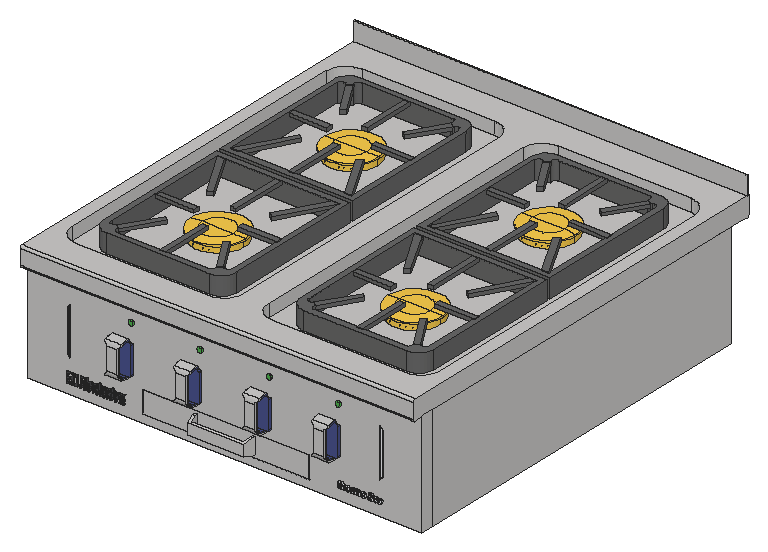
Revit family "QF_ELECTROLUXPROFESSIONAL_588528_MBGGBBHOPI", category Attrezzature speciali, Revit 2020
Family settings
  Quota connettore circolare = Usa diametro
  Tipo di parte = Normale
  Basato su piano di lavoro = No
  Sempre verticale = Sì
  Taglio con vuoti quando caricato = No
  Condiviso = No
  Punto di calcolo locali = No
Parameters (values of type "Standard")
  Weight = 65.00 kg
  Watts = 0 W
  Volts = 0 V
  URL Manufacturer = "https://www.electroluxprofessional.com/"
  URL = "https://www.electroluxprofessional.com/"
  Steam Supply Size = 0"
  Steam Supply Minimum Pressure = 0.00 psi
  Steam Supply Maximum Pressure = 0.00 psi
  Steam Consumption per Hour = 0
  Refrigeration Suction Line Size = 0 mm
  Refrigeration Liquid Line Size = 0 mm
  Refrigerant Compressor Remote = yes
  Prospetto di default = 0 mm
  Phase = 0
  Modello = "MBGGBBHOPI"
  Produttore = "Electrolux Professional"
  Length Actual = 800 mm  # constant formula
  Item Number = "588528"
  Hot Water Size = 0"
  Height Actual = 250 mm  # constant formula
  HP = "0 HP"
  Gas Size = 1/2"
  Gas KW = 28
  Gas Input Pressure = 0.938315 Btu/h
  Direct Waste Size = 0"
  Descrizione = "GAS TOP,4 BURN,ECO,1-S,BSPL,800X850X250H"
  Depth Actual = 850 mm  # constant formula
  Cycle = 0 Hz
  Condensate Return Size = 0"
  Compressed Air Volume = 0 GPM
  Compressed Air Size = 0"
  Compressed Air Pressure = 0.00 psi
  Cold Water Size = 0"
  Accessory = yes
Reference planes
  plane 1 "BACK": y = 0
  plane 2: z = 0
  plane 3 "LEFT": x = 0
  plane 4 "RIGHT": x = 800
  plane 5 "FRONT": y = -850
  plane 6 "TOP": z = 900
  plane 7 "Center (Left/Right)": x = 400
  plane 8: y = -425
  plane 9: y = -150
  plane 10: x = 75
  plane 11: x = 725
  plane 12: y = -65
  plane 13: y = -790
  plane 14 "GasY": y = -540
  plane 15: z = 938
  plane 16 "BaseTop": z = 650
  plane 17: y = -805
  plane 18 "Camino": y = -50
  plane 19: x = 764
  plane 20: z = 1131
Forms (mm)
  Extrusion 1, solid, material "QF_Finishes_Stainless Steel"
    sketch origin (-178.969, -4572, 100) x (-1, 0, 0) y (0, -1, 0)
      loop
        line (-178.969, -4527) -> (-178.969, -3767) -> (-978.969, -3767) -> (-978.969, -4527) -> (-178.969, -4527)
    from 550 to 762.969
  Extrusion 2, solid, material "QF_Finishes_Stainless Steel"
    sketch origin (400, 296.4, 1219.2) x (0, 1, 0) y (0, 0, 1)
      loop
        line (-296.4, -319.2) -> (-1141.4, -319.2)
        arc (-1141.4, -319.2) -> (-1144.935, -320.664) -> (-1146.4, -324.2) r 5
        line (-1146.4, -324.2) -> (-1146.4, -355.2)
        arc (-1146.4, -355.2) -> (-1144.971, -358.264) -> (-1141.705, -359.139) r 4
        line (-1141.705, -359.139) -> (-1126.4, -356.231) -> (-316.4, -356.231) -> (-301.094, -359.139)
        arc (-301.094, -359.139) -> (-297.829, -358.264) -> (-296.4, -355.2) r 4
        line (-296.4, -355.2) -> (-296.4, -319.2)
    from -400 to 400
  Extrusion 3, void
    sketch origin (0, 0, 900) x (-1, 0, 0) y (0, -1, 0)
      loop
        arc (-65.29, 65) -> (-37.006, 76.716) -> (-25.29, 105) r 40
        line (-25.29, 105) -> (-25.29, 750)
        arc (-25.29, 750) -> (-37.006, 778.284) -> (-65.29, 790) r 40
        line (-65.29, 790) -> (-335.29, 790)
        arc (-335.29, 790) -> (-363.574, 778.284) -> (-375.29, 750) r 40
        line (-375.29, 750) -> (-375.29, 105)
        arc (-375.29, 105) -> (-363.574, 76.716) -> (-335.29, 65) r 40
        line (-335.29, 65) -> (-65.29, 65)
    from 0 to -25
  Extrusion 4, solid, material "QF_Finishes_Stainless Steel"
    sketch origin (400, 296.4, 1219.2) x (0, 1, 0) y (0, 0, 1)
      loop
        line (-296.4, -319.2) -> (-296.4, -281.2) -> (-298.4, -281.2) -> (-298.4, -319.2) -> (-296.4, -319.2)
    from 400 to -400
  Extrusion 5, solid, material "QF_Finishes_Stainless Steel"
    sketch origin (0, 0, 650) x (-1, 0, 0) y (0, -1, 0)
      loop
        circle (-764, 540) r 10.1
    from 0 to -10
  Extrusion 6, void
    sketch origin (800, 0, 900) x (1, 0, 0) y (0, 1, 0)
      loop
        line (-65.29, -65) -> (-335.29, -65)
        arc (-335.29, -65) -> (-363.574, -76.716) -> (-375.29, -105) r 40
        line (-375.29, -105) -> (-375.29, -750)
        arc (-375.29, -750) -> (-363.574, -778.284) -> (-335.29, -790) r 40
        line (-335.29, -790) -> (-65.29, -790)
        arc (-65.29, -790) -> (-37.006, -778.284) -> (-25.29, -750) r 40
        line (-25.29, -750) -> (-25.29, -105)
        arc (-25.29, -105) -> (-37.006, -76.716) -> (-65.29, -65) r 40
    from 0 to -25
Cuts and joins
  Extrusion 3, Extrusion 6 cuts Extrusion 2
Lines and regions (mm)
  symbolic lines
    curve 1: line (0, 0, 100) -> (800, 0, 100)
    curve 2: line (0, -850, 100) -> (0, 0, 100)
    curve 3: line (800, -850, 100) -> (0, -850, 100)
    curve 4: line (800, 0, 100) -> (800, -850, 100)
    curve 5: line (0, -2, 0) -> (800, -2, 0)
    curve 6: line (335.29, -65, 0) -> (65.29, -65, 0)
    curve 7: line (424.71, -105, 0) -> (424.71, -750, 0)
    curve 8: line (734.71, -65, 0) -> (464.71, -65, 0)
    curve 9: arc (65.29, -65, 0) -> (37.006, -76.716, 0) -> (25.29, -105, 0) r 40
    curve 10: arc (375.29, -105, 0) -> (363.574, -76.716, 0) -> (335.29, -65, 0) r 40
    curve 11: line (375.29, -750, 0) -> (375.29, -105, 0)
    curve 12: arc (335.29, -790, 0) -> (363.574, -778.284, 0) -> (375.29, -750, 0) r 40
    curve 13: line (65.29, -790, 0) -> (335.29, -790, 0)
    curve 14: arc (25.29, -750, 0) -> (37.006, -778.284, 0) -> (65.29, -790, 0) r 40
    curve 15: line (25.29, -105, 0) -> (25.29, -750, 0)
    curve 16: arc (464.71, -65, 0) -> (436.426, -76.716, 0) -> (424.71, -105, 0) r 40
    curve 17: arc (774.71, -105, 0) -> (762.994, -76.716, 0) -> (734.71, -65, 0) r 40
    curve 18: line (774.71, -750, 0) -> (774.71, -105, 0)
    curve 19: arc (734.71, -790, 0) -> (762.994, -778.284, 0) -> (774.71, -750, 0) r 40
    curve 20: line (464.71, -790, 0) -> (734.71, -790, 0)
    curve 21: arc (424.71, -750, 0) -> (436.426, -778.284, 0) -> (464.71, -790, 0) r 40
Dimensions and locks
  plane 3 "LEFT" to plane 4 "RIGHT" = 800 mm
  locked: plane 5 "FRONT" to plane 1 "BACK" at 850
  plane 3 "LEFT" to plane 7 "Center (Left/Right)" to plane 4 "RIGHT" = 400 mm, 400 mm
  equal spacing: plane 5 "FRONT", plane 8, plane 1 "BACK"
  plane 6 "TOP" to level = 900 mm  (x2)
  plane 1 "BACK" to plane 9 = 150 mm
  plane 14 "GasY" to plane 1 "BACK" = 540 mm
  plane 15 to plane 6 "TOP" = 38 mm
  plane 12 to plane 1 "BACK" = 65 mm
  plane 5 "FRONT" to plane 13 = 60 mm
  plane 3 "LEFT" to plane 10 = 75 mm
  plane 11 to plane 4 "RIGHT" = 75 mm
  locked: plane 6 "TOP" to plane 16 "BaseTop" at 250
  locked: plane 17 to plane 5 "FRONT" at 45
  plane 18 "Camino" to plane 1 "BACK" = 50 mm
  plane 19 to plane 4 "RIGHT" = 36 mm
  plane 20 to plane 6 "TOP" = 231 mm
  aligned and locked: level to plane 2
  aligned and locked: cut or joined group of Extrusion 2, Extrusion 3, Extrusion 6 to plane 3 "LEFT"
  aligned and locked: cut or joined group of Extrusion 2, Extrusion 3, Extrusion 6 to plane 4 "RIGHT"
  aligned and locked: nested 1 to plane 17
  aligned and locked: Extrusion 1 to plane 17
  aligned and locked: Extrusion 4 to plane 3 "LEFT"
  aligned and locked: Extrusion 4 to plane 4 "RIGHT"
  aligned and locked: plane 3 "LEFT" to nested 1
Automatic sketch dimensions
  curve 5 to plane 3 "LEFT" = 0 mm
  curve 5 to plane 4 "RIGHT" = 0 mm
  plane 1 "BACK" to curve 5 = 2 mm
  Extrusion 1 sketch curve to plane 4 "RIGHT" = 0 mm
  Extrusion 1 sketch curve to plane 3 "LEFT" = 0 mm
  Extrusion 1 sketch curve to plane 17 = 0 mm
  Extrusion 1 sketch curve to plane 18 "Camino" = 5 mm
  plane 1 "BACK" to curve 1 = 0 mm
  curve 1 to plane 4 "RIGHT" = 0 mm
  curve 3 to plane 3 "LEFT" = 0 mm
  plane 5 "FRONT" to curve 3 = 0 mm
  Extrusion 2 sketch curve to plane 5 "FRONT" = 0 mm
  Extrusion 2 sketch curve to plane 6 "TOP" = 0 mm
  Extrusion 2 sketch curve to plane 1 "BACK" = 0 mm
  Extrusion 2 sketch curve to Extrusion 2 sketch curve = 4 mm
  Extrusion 2 sketch curve to Extrusion 2 sketch curve = 0.695 mm
  Extrusion 2 sketch curve to plane 5 "FRONT" = 5 mm
  Extrusion 2 sketch curve to Extrusion 2 sketch curve = 15.305 mm
  plane 1 "BACK" to Extrusion 2 sketch curve = 20 mm
  plane 1 "BACK" to Extrusion 2 sketch curve = 4.695 mm
  plane 1 "BACK" to Extrusion 2 sketch curve = 4 mm
  Extrusion 2 sketch curve to Extrusion 2 sketch curve = 31 mm
  Extrusion 2 sketch curve to Extrusion 2 sketch curve = 36 mm
  Extrusion 2 sketch curve to Extrusion 2 sketch curve = 2.909 mm
  plane 12 to Extrusion 3 sketch curve = 0 mm
  Extrusion 3 sketch curve to plane 7 "Center (Left/Right)" = 24.71 mm
  Extrusion 3 sketch curve to Extrusion 3 sketch curve = 40 mm  (x2)
  Extrusion 3 sketch curve to plane 13 = 40 mm
  plane 10 to Extrusion 3 sketch curve = 9.71 mm  (x2)
  plane 3 "LEFT" to Extrusion 3 sketch curve = 25.29 mm
  Extrusion 4 sketch curve to plane 6 "TOP" = 0 mm
  Extrusion 4 sketch curve to plane 15 = 0 mm
  Extrusion 4 sketch curve to plane 1 "BACK" = 0 mm
  Extrusion 4 sketch curve to Extrusion 4 sketch curve = 2 mm
  Extrusion 5 sketch curve to plane 14 "GasY" = 0 mm
  Extrusion 5 sketch curve to plane 19 = 0 mm
  plane 12 to Extrusion 6 sketch curve = 0 mm
  Extrusion 6 sketch curve to plane 7 "Center (Left/Right)" = 24.71 mm
  Extrusion 6 sketch curve to Extrusion 6 sketch curve = 40 mm  (x2)
  plane 13 to Extrusion 6 sketch curve = 40 mm
  plane 11 to Extrusion 6 sketch curve = 9.71 mm  (x2)
  Extrusion 6 sketch curve to plane 19 = 10.71 mm
  plane 7 "Center (Left/Right)" to curve 7 = 24.71 mm
  curve 8 to plane 11 = 9.71 mm
  plane 12 to curve 6 = 0 mm
  plane 10 to curve 6 = 9.71 mm
  curve 6 to plane 7 "Center (Left/Right)" = 64.71 mm
  plane 12 to curve 8 = 0 mm
  curve 9 to curve 6 = 40 mm
  curve 10 to curve 6 = 40 mm
  curve 11 to plane 13 = 40 mm
  plane 13 to curve 12 = 0 mm
  plane 10 to curve 13 = 9.71 mm
  plane 12 to curve 16 = 40 mm
  curve 17 to curve 8 = 40 mm
  curve 18 to plane 13 = 40 mm
  plane 13 to curve 19 = 0 mm
  curve 21 to plane 13 = 40 mm
  radius of Extrusion 5 sketch curve = 10.1 mm
Nested families
  nested 1: "Front_Panel_W800_Four Knobs_Spie" at (202.376, -805, 0), type "Front_Panel_W800_Four Knobs_Spie"
  nested 2: "Therma_One_Burner_Long" at (198.607, -260.258, 875), type "Therma_One_Burner_Long"
  nested 3: "Therma_One_Burner_Long" at (198.607, -593.742, 875), type "Therma_One_Burner_Long"
  nested 4: "Therma_One_Burner_Long" at (601.393, -260.258, 875) x (-1, 0, 0) z (0, 0, 1), type "Therma_One_Burner_Long"
  nested 5: "Therma_One_Burner_Long" at (601.393, -593.742, 875) x (-1, 0, 0) z (0, 0, 1), type "Therma_One_Burner_Long"
Connectors
  piping at (764, -540, 650), diameter 12.7, driven by "Gas Size"
    settings: on Extrusion 5, index 1, connector inside diameter 24", connector length 0 mm, flow factor 0, pipe flow 0 GPM, pressure drop 0.00 psi, fitting loss kfactor 0, connector angle 0.00°, fixture units 0, engagement length 0 mm, angle of deflection 0.00°, flow configuration 1, flow direction 1, fitting loss method 0, system type 7, joint type 0, gender type 0, connector reference index -1, connector utility 0, adjustable connector no, is connector primary yes, connector description "Gas Connection"
Definition of nested family "Front_Panel_W800_Four Knobs_Spie"
  Parameters
    Default Elevation = 0 mm
  Reference planes
    plane 1 "Center (Front/Back)": y = 0
    plane 2: z = 0
    plane 3 "Center (Left/Right)": x = 197.624
    plane 4 "Left": x = -202.376
    plane 5 "Right": x = 597.624
    plane 6: y = -45
    plane 7: x = -12.376
    plane 8: x = 127.624
    plane 9: y = -310
    plane 10 "Panel": y = -25
    plane 11: x = 517.624
    plane 12: x = -122.376
  Forms (mm)
    Extrusion 1, solid
      sketch origin (833.217, 829.203, -1.25) x (0, 1, 0) y (0, 0, 1)
        loop
          line (-854.203, 651.25) -> (-829.203, 651.25) -> (-829.203, 864.25) -> (-854.203, 864.25) -> (-854.203, 651.25)
      from -1035.593 to -235.593
    Extrusion 2, void
      sketch origin (0, -25, -10) x (0, 0, 1) y (-1, 0, 0)
        loop
          line (731.866, 122.376) -> (726.866, 117.376) -> (823.866, 117.376) -> (818.866, 122.376) -> (731.866, 122.376)
        loop
          line (731.866, -517.624) -> (818.866, -517.624) -> (823.866, -512.624) -> (726.866, -512.624) -> (731.866, -517.624)
      from 0 to -2
    Extrusion 3, void
      sketch origin (0, 0, 0) x (1, 0, 0) y (0, 0, 1)
        loop
          line (30.124, 711.866) -> (30.124, 666.866) -> (370.124, 666.866) -> (370.124, 711.866) -> (30.124, 711.866)
      from 19.387 to 25
    Extrusion 4, solid
      sketch origin (0, 0, 0) x (1, 0, 0) y (0, 0, 1)
        loop
          line (31.124, 710.866) -> (31.124, 667.866) -> (369.124, 667.866) -> (369.124, 710.866) -> (31.124, 710.866)
      from 19.387 to 25
    Extrusion 5, solid
      sketch origin (0, 0, 0) x (1, 0, 0) y (0, 1, 0)
        loop
          line (141.059, -25) -> (135.966, -25) -> (140.646, -49.075) -> (254.603, -49.075) -> (259.283, -25) -> (254.189, -25) -> (250.481, -44.075) -> (144.767, -44.075) -> (141.059, -25)
      from 672.593 to 705.67
    Extrusion 6, void
      sketch origin (197.624, 0, 0) x (0, 1, 0) y (0, 0, 1)
        loop
          line (-30, 705.67) -> (-30, 710.67) -> (-56.744, 710.67) -> (-56.744, 667.593) -> (-30, 667.593) -> (-30, 672.593) -> (-53.776, 680.318) -> (-53.776, 697.945) -> (-30, 705.67)
      from -70 to 70
    Extrusion 7, solid, detail levels coarse
      sketch origin (0, -265, 0) x (1, 0, 0) y (0, 1, 0)
        loop
          line (140.646, -69.075) -> (254.603, -69.075) -> (259.283, -45) -> (364.124, -45) -> (364.124, 240) -> (31.124, 240) -> (31.124, -45) -> (135.966, -45) -> (140.646, -69.075)
      from 672.593 to 705.67
    Extrusion 8, void
      sketch origin (197.624, -280, 0) x (0, 1, 0) y (0, 0, 1)
        loop
          line (-30, 705.67) -> (-30, 710.67) -> (-56.744, 710.67) -> (-56.744, 667.593) -> (-30, 667.593) -> (-30, 672.593) -> (-53.776, 680.318) -> (-53.776, 697.945) -> (-30, 705.67)
      from -70 to 70
    Extrusion 9, solid
      sketch origin (20, -25, 1.163) x (0, 0, 1) y (-1, 0, 0)
        loop
          circle (824.337, 12.376) r 5
      from 0 to 1.7
    Extrusion 10, solid
      sketch origin (160, -25, 1.163) x (0, 0, 1) y (-1, 0, 0)
        loop
          circle (824.337, 12.376) r 5
      from 0 to 1.7
    Extrusion 11, solid
      sketch origin (300.724, -25, 1.163) x (0, 0, 1) y (-1, 0, 0)
        loop
          circle (824.337, 12.376) r 5
      from 0 to 1.7
    Extrusion 12, solid
      sketch origin (440.724, -25, 1.163) x (0, 0, 1) y (-1, 0, 0)
        loop
          circle (824.337, 12.376) r 5
      from 0 to 1.7
    Extrusion 13, solid
      sketch origin (0, -25, -10) x (0, 0, 1) y (-1, 0, 0)
        loop
          line (731.866, 122.376) -> (726.866, 117.376) -> (823.866, 117.376) -> (818.866, 122.376) -> (731.866, 122.376)
        loop
          line (726.866, -512.624) -> (731.866, -517.624) -> (818.866, -517.624) -> (823.866, -512.624) -> (726.866, -512.624)
      from 0 to -2
  Cuts and joins
    Extrusion 2, Extrusion 3 cuts Extrusion 1
    Extrusion 6, Extrusion 8 cuts Extrusion 5
    Extrusion 8 cuts Extrusion 7
  Lines and regions (mm)
    symbolic lines
      curve 1: line (31.124, -45, 0) -> (31.124, -310, 0)
      curve 2: line (31.124, -310, 0) -> (364.124, -310, 0)
      curve 3: line (135.966, -310, 0) -> (140.646, -334.075, 0)
      curve 4: line (140.646, -334.075, 0) -> (254.603, -334.075, 0)
      curve 5: line (254.603, -334.075, 0) -> (259.283, -310, 0)
      curve 6: line (364.124, -310, 0) -> (364.124, -45, 0)
      curve 7: line (31.124, -300, 0) -> (364.124, -300, 0)
      curve 8: line (140.874, -309.046, 0) -> (144.767, -329.075, 0)
      curve 9: line (144.767, -329.075, 0) -> (250.481, -329.075, 0)
      curve 10: line (250.481, -329.075, 0) -> (254.375, -309.046, 0)
  Dimensions and locks
    equal spacing: plane 5 "Right", plane 3 "Center (Left/Right)", plane 4 "Left"
    plane 5 "Right" to plane 4 "Left" = 800 mm
    plane 3 "Center (Left/Right)" to plane 7 = 210 mm
    plane 3 "Center (Left/Right)" to plane 8 = 70 mm
    plane 6 to plane 9 = 265 mm
    aligned and locked: cut or joined group of Extrusion 1, Extrusion 2, Extrusion 3 to plane 4 "Left"
    aligned and locked: plane 5 "Right" to cut or joined group of Extrusion 1, Extrusion 2, Extrusion 3
  Automatic sketch dimensions
    plane 6 to curve 1 = 0 mm
    curve 1 to plane 9 = 0 mm
    plane 6 to curve 6 = 0 mm
    plane 7 to curve 1 = 43.5 mm
    plane 8 to curve 3 = 13.021 mm
    curve 3 to curve 8 = 4.122 mm
    curve 10 to plane 9 = 19.075 mm
    plane 3 "Center (Left/Right)" to curve 10 = 52.857 mm
    curve 5 to plane 9 = 24.075 mm
    curve 9 to curve 5 = 4.122 mm
    curve 4 to curve 2 = 109.521 mm
    plane 8 to curve 3 = 8.342 mm
    plane 9 to curve 8 = 0.954 mm
    curve 3 to curve 8 = 4.908 mm
    plane 9 to curve 10 = 0.954 mm
    curve 9 to curve 10 = 3.893 mm
    curve 10 to curve 5 = 4.908 mm
    plane 9 to curve 7 = 10 mm
    Extrusion 1 sketch curve to plane 10 "Panel" = 0 mm
    Extrusion 1 sketch curve to plane 1 "Center (Front/Back)" = 0 mm
    Extrusion 2 sketch curve to plane 12 = 0 mm
    Extrusion 2 sketch curve to plane 11 = 0 mm
    Extrusion 2 sketch curve to plane 11 = 5 mm
    plane 12 to Extrusion 2 sketch curve = 5 mm
    Extrusion 2 sketch curve to Extrusion 2 sketch curve = 5 mm  (x4)
    plane 7 to Extrusion 3 sketch curve = 42.5 mm
    Extrusion 3 sketch curve to plane 11 = 147.5 mm
    Extrusion 3 sketch curve to Extrusion 3 sketch curve = 45 mm
    plane 7 to Extrusion 4 sketch curve = 43.5 mm
    Extrusion 4 sketch curve to plane 11 = 148.5 mm
    Extrusion 4 sketch curve to Extrusion 4 sketch curve = 43 mm
    plane 10 "Panel" to Extrusion 5 sketch curve = 0 mm  (x2)
    plane 8 to Extrusion 5 sketch curve = 8.342 mm
    plane 6 to Extrusion 5 sketch curve = 4.075 mm
    plane 8 to Extrusion 5 sketch curve = 13.021 mm
    Extrusion 5 sketch curve to Extrusion 5 sketch curve = 5.094 mm  (x2)
    Extrusion 5 sketch curve to plane 6 = 0.925 mm
    Extrusion 5 sketch curve to Extrusion 5 sketch curve = 4.122 mm  (x2)
    plane 3 "Center (Left/Right)" to Extrusion 5 sketch curve = 52.857 mm
    Extrusion 5 sketch curve to Extrusion 5 sketch curve = 3.708 mm
    plane 6 to Extrusion 6 sketch curve = 11.744 mm
    plane 6 to Extrusion 6 sketch curve = 8.776 mm
    plane 10 "Panel" to Extrusion 6 sketch curve = 5 mm  (x2)
    Extrusion 6 sketch curve to Extrusion 6 sketch curve = 5 mm
    Extrusion 6 sketch curve to Extrusion 6 sketch curve = 12.725 mm  (x2)
    Extrusion 6 sketch curve to Extrusion 6 sketch curve = 17.627 mm
    Extrusion 6 sketch curve to Extrusion 6 sketch curve = 7.725 mm
    plane 10 "Panel" to Extrusion 7 sketch curve = 0 mm
    Extrusion 7 sketch curve to plane 9 = 0 mm  (x2)
    plane 7 to Extrusion 7 sketch curve = 43.5 mm
    plane 8 to Extrusion 7 sketch curve = 8.342 mm
    plane 8 to Extrusion 7 sketch curve = 13.021 mm
    Extrusion 7 sketch curve to plane 9 = 24.075 mm
    plane 3 "Center (Left/Right)" to Extrusion 7 sketch curve = 56.979 mm
    Extrusion 7 sketch curve to Extrusion 7 sketch curve = 4.68 mm
    Extrusion 7 sketch curve to Extrusion 7 sketch curve = 104.842 mm
    Extrusion 8 sketch curve to plane 9 = 26.744 mm
    Extrusion 8 sketch curve to plane 9 = 23.776 mm
    plane 9 to Extrusion 8 sketch curve = 0 mm  (x2)
    Extrusion 8 sketch curve to Extrusion 8 sketch curve = 5 mm
    Extrusion 8 sketch curve to Extrusion 8 sketch curve = 12.725 mm  (x2)
    Extrusion 8 sketch curve to Extrusion 8 sketch curve = 17.627 mm
    Extrusion 8 sketch curve to Extrusion 8 sketch curve = 7.725 mm
    plane 7 to Extrusion 9 sketch curve = 20 mm
    plane 8 to Extrusion 10 sketch curve = 20 mm
    plane 3 "Center (Left/Right)" to Extrusion 11 sketch curve = 90.724 mm
    Extrusion 12 sketch curve to plane 11 = 89.276 mm
    Extrusion 13 sketch curve to plane 12 = 0 mm
    Extrusion 13 sketch curve to plane 11 = 0 mm
    plane 12 to Extrusion 13 sketch curve = 5 mm
    Extrusion 13 sketch curve to Extrusion 13 sketch curve = 5 mm  (x4)
    Extrusion 13 sketch curve to plane 11 = 5 mm
    level to Extrusion 1 sketch curve = 650 mm
    Extrusion 1 sketch curve to Extrusion 1 sketch curve = 213 mm
    level to Extrusion 2 sketch curve = 716.866 mm
    Extrusion 2 sketch curve to Extrusion 2 sketch curve = 0 mm
    Extrusion 2 sketch curve to Extrusion 2 sketch curve = 87 mm  (x2)
    level to Extrusion 3 sketch curve = 666.866 mm
    level to Extrusion 4 sketch curve = 667.866 mm
    level to Extrusion 6 sketch curve = 667.593 mm
    level to Extrusion 8 sketch curve = 667.593 mm
    level to Extrusion 9 sketch curve = 825.5 mm
    level to Extrusion 10 sketch curve = 825.5 mm
    level to Extrusion 11 sketch curve = 825.5 mm
    level to Extrusion 12 sketch curve = 825.5 mm
    level to Extrusion 13 sketch curve = 716.866 mm
    Extrusion 13 sketch curve to Extrusion 13 sketch curve = 0 mm
    Extrusion 13 sketch curve to Extrusion 13 sketch curve = 87 mm  (x2)
    radius of Extrusion 9 sketch curve = 5 mm
    radius of Extrusion 10 sketch curve = 5 mm
    radius of Extrusion 11 sketch curve = 5 mm
    radius of Extrusion 12 sketch curve = 5 mm
  Nested families
    nested 1: "Range Control Handle" at (-12.376, -28.137, -209.113) x (-1, 0, 0) z (0, 0, 1), type "Range Control Handle"
    nested 2: "Range Control Handle" at (127.624, -28.137, -209.113) x (-1, 0, 0) z (0, 0, 1), type "Range Control Handle"
    nested 3: "Range Control Handle" at (407.624, -28.137, -209.113), type "Range Control Handle"
    nested 4: "Range Control Handle" at (267.624, -28.137, -209.113), type "Range Control Handle"
    nested 5: "ELX_ThermaLine_Small" at (468.838, -25, 679.426) x (1, 0, 0) z (0, -1, 0), type "ELX_ThermaLine_Small"
      with Show Logo yes, Material_Logo none
    nested 6: "ELX_Professional_Logo_Small" at (-62.89, -25, 681.659) x (1, 0, 0) z (0, -1, 0), type "ELX_Professional_Logo_Small"
      with Show Logo yes, Material_Logo none
  Definition of nested family "Range Control Handle"
    Parameters
      Default Elevation = 0 mm
    Reference planes
      plane 1 "Center (Front/Back)": y = 0
      plane 2: z = 0
      plane 3 "Center (Left/Right)": x = 0
      plane 4: z = 971.092
      plane 5: y = -16.9
    Forms (mm)
      Extrusion 1, solid
        sketch origin (-746.28, 380.497, 208.931) x (-1, 0, 0) y (0, 0, 1)
          loop
            line (-770.101, 786.798) -> (-770.101, 731.649)
            arc (-770.101, 731.649) -> (-769.759, 730.563) -> (-768.855, 729.87) r 1.893
            line (-768.855, 729.87) -> (-763.474, 727.911) -> (-729.81, 727.911) -> (-724.428, 729.87)
            arc (-724.428, 729.87) -> (-723.525, 730.563) -> (-723.183, 731.649) r 1.893
            line (-723.183, 731.649) -> (-723.183, 786.798)
            arc (-723.183, 786.798) -> (-723.529, 787.894) -> (-724.44, 788.593) r 1.91
            line (-724.44, 788.593) -> (-729.683, 790.819) -> (-763.601, 790.819) -> (-768.844, 788.593)
            arc (-768.844, 788.593) -> (-769.755, 787.894) -> (-770.101, 786.798) r 1.91
        from -382.35 to -378.852
      Sweep 2, solid
        path origin (-746.788, 380.496, 208.091) x (0, -1, 0) y (0, 0, 1)
          loop
            line (379.775, 793.281) -> (395.661, 791.048)
            arc (395.661, 791.048) -> (397.781, 787.377) -> (398.517, 783.202) r 12.207
            line (398.517, 783.202) -> (398.517, 737.368)
            arc (398.517, 737.368) -> (397.781, 733.193) -> (395.661, 729.522) r 12.207
            line (395.661, 729.522) -> (379.775, 727.289)
        profile origin (-746.788, -7.222, 1000.256) x (0, -0.139173, 0.990268) y (-1, 0, 0)
          loop
            line (0.782, -763.123) -> (0.782, -730.907) -> (-1.322, -730.907) -> (-1.322, -763.123) -> (0.782, -763.123)
      Sweep 3, solid
        path origin (-746.788, 380.715, 207.832) x (0, -1, 0) y (0, 0, 1)
          loop
            line (380.478, 795.442) -> (397.218, 793.09)
            arc (397.218, 793.09) -> (399.929, 788.473) -> (400.871, 783.202) r 15.207
            line (400.871, 783.202) -> (400.871, 737.584)
            arc (400.871, 737.584) -> (399.914, 732.274) -> (397.164, 727.633) r 15.207
            line (397.164, 727.633) -> (380.601, 725.305)
        profile origin (-746.788, -8.132, 1002.099) x (0, -0.139173, 0.990268) y (-1, 0, 0)
          loop
            line (0.782, -763.123) -> (0.782, -730.907) -> (-1.322, -730.907) -> (-1.322, -763.123) -> (0.782, -763.123)
      Extrusion 4, void
        sketch origin (889.253, 220.666, 207.993) x (1, 0, 0) y (0, 0, 1)
          loop
            line (-943.038, 816.854) -> (-943.038, 703.686) -> (-899.466, 734.196) -> (-899.466, 786.344) -> (-943.038, 816.854)
        from 230.636 to 242.25
      Extrusion 5, void
        sketch origin (-888.8, 220.666, 207.993) x (-1, 0, 0) y (0, 0, -1)
          loop
            line (-943.038, -816.854) -> (-899.466, -786.344) -> (-899.466, -734.196) -> (-943.038, -703.686) -> (-943.038, -816.854)
        from 230.636 to 242.25
      Extrusion 6, solid
        sketch origin (0, 0, 0) x (1, 0, 0) y (0, 0, 1)
          loop
            circle (0, 971.092) r 7.736
        from -3.137 to -1.645
    Cuts and joins
      Extrusion 4, Extrusion 5 cuts Sweep 3
      Extrusion 4, Extrusion 5 cuts Sweep 2
      joined: Extrusion 1, Extrusion 6
    Lines and regions (mm)
      symbolic lines
        curve 1: line (16.334, -16.9, 0) -> (16.334, -19.227, 0)
        curve 2: spline (16.334, -19.227, 0) -> (15.87, -19.385, 0) -> (15.404, -19.536, 0) -> (14.936, -19.678, 0) -> (14.466, -19.813, 0) -> (13.995, -19.94, 0) -> (13.523, -20.059, 0) -> (13.049, -20.171, 0) -> (12.575, -20.274, 0) -> (12.099, -20.37, 0) -> (11.622, -20.458, 0) -> (11.144, -20.537, 0) -> (10.666, -20.609, 0)
        curve 3: line (10.666, -16.9, 0) -> (10.666, -20.938, 0)
        curve 4: line (-10.213, -20.938, 0) -> (10.666, -20.938, 0)
        curve 5: line (-10.213, -20.938, 0) -> (-10.213, -16.9, 0)
        curve 6: spline (-10.213, -20.609, 0) -> (-10.691, -20.537, 0) -> (-11.169, -20.458, 0) -> (-11.646, -20.37, 0) -> (-12.122, -20.274, 0) -> (-12.597, -20.171, 0) -> (-13.07, -20.059, 0) -> (-13.542, -19.94, 0) -> (-14.013, -19.813, 0) -> (-14.483, -19.678, 0) -> (-14.951, -19.536, 0) -> (-15.417, -19.385, 0) -> (-15.881, -19.227, 0)
        curve 7: line (-15.881, -19.227, 0) -> (-15.881, -16.9, 0)
  Definition of nested family "ELX_ThermaLine_Small"
    Parameters
      Show Logo [instance] = yes
      Material_Logo [instance] = none
      Default Elevation = 0 mm
    Reference planes
      plane 1 "Centro (Fronte/Retro)": y = 0
      plane 2: z = 0
      plane 3 "Centro (Sinistra/Destra)": x = 0
    Forms (mm)
      Extrusion 1, solid
        sketch origin (0, 0, 0) x (1, 0, 0) y (0, 1, 0)
          loop
            line (-1219.2, 1219.2) -> (-1219.2, -1219.2) -> (1219.2, -1219.2) -> (1219.2, 1219.2) -> (-1219.2, 1219.2)
        from 0 to -304.8
      Extrusion 2, solid
        sketch origin (0, 0, 0) x (1, 0, 0) y (0, 1, 0)
          loop
            line (-37.494, 1.229) -> (-35.908, 1.229) -> (-35.908, 3.066) -> (-37.494, 3.066) -> (-37.494, 6.221) -> (-39.867, 4.881) -> (-39.867, 3.066) -> (-40.969, 3.066) -> (-40.969, 1.229) -> (-39.867, 1.229) -> (-39.867, -3.407)
            arc (-39.867, -3.407) -> (-38.982, -5.513) -> (-36.751, -6.001) r 2.478
            line (-36.751, -6.001) -> (-35.638, -5.7) -> (-35.9, -3.835) -> (-36.661, -4.039)
            arc (-36.661, -4.039) -> (-37.236, -3.924) -> (-37.494, -3.399) r 0.662
            line (-37.494, -3.399) -> (-37.494, 1.229)
          loop
            line (-34.242, 6.539) -> (-34.242, -5.848) -> (-31.854, -5.848) -> (-31.854, -0.078)
            arc (-31.854, -0.078) -> (-30.939, 1.249) -> (-29.33, 1.367) r 1.866
            arc (-29.33, 1.367) -> (-28.695, 0.768) -> (-28.461, -0.073) r 1.627
            line (-28.461, -0.073) -> (-28.461, -5.848) -> (-26.086, -5.848) -> (-26.064, -0.46)
            arc (-26.064, -0.46) -> (-26.261, 0.932) -> (-26.786, 2.237) r 5.825
            arc (-26.786, 2.237) -> (-29.381, 3.264) -> (-31.854, 1.971) r 3.353
            line (-31.854, 1.971) -> (-31.854, 6.539) -> (-34.242, 6.539)
          loop
            arc (-18.398, -0.598) -> (-18.893, 0.879) -> (-20.326, 1.487) r 1.897
            arc (-20.326, 1.487) -> (-21.461, 0.708) -> (-21.897, -0.598) r 2.164
            line (-21.897, -0.598) -> (-18.398, -0.598)
          loop
            arc (-16.021, -2.044) -> (-16.754, 1.227) -> (-19.444, 3.226) r 4.814
            arc (-19.444, 3.226) -> (-22.137, 2.788) -> (-23.943, 0.743) r 4.054
            arc (-23.943, 0.743) -> (-24.382, -1.249) -> (-24.162, -3.276) r 6.289
            arc (-24.162, -3.276) -> (-23.302, -4.71) -> (-21.958, -5.705) r 4.28
            arc (-21.958, -5.705) -> (-18.558, -5.814) -> (-16.152, -3.409) r 4.28
            line (-16.152, -3.409) -> (-18.5, -2.995)
            arc (-18.5, -2.995) -> (-19.273, -3.994) -> (-20.533, -4.076) r 1.536
            arc (-20.533, -4.076) -> (-21.56, -3.281) -> (-21.958, -2.044) r 2.197
            line (-21.958, -2.044) -> (-16.021, -2.044)
          loop
            line (-14.165, -5.848) -> (-11.819, -5.848) -> (-11.819, -2.138)
            arc (-11.819, -2.138) -> (-11.787, -1.156) -> (-11.637, -0.185) r 8.18
            arc (-11.637, -0.185) -> (-10.644, 0.972) -> (-9.132, 0.776) r 1.603
            line (-9.132, 0.776) -> (-8.419, 2.846)
            arc (-8.419, 2.846) -> (-10.432, 3.118) -> (-11.994, 1.821) r 2.527
            line (-11.994, 1.821) -> (-11.994, 3.094) -> (-14.165, 3.094) -> (-14.165, -5.848)
          loop
            line (-7.579, 3.094) -> (-7.579, -5.848) -> (-5.178, -5.848) -> (-5.178, -0.756)
            arc (-5.178, -0.756) -> (-4.727, 0.679) -> (-3.417, 1.419) r 2.05
            arc (-3.417, 1.419) -> (-2.499, 0.908) -> (-2.155, -0.085) r 1.471
            line (-2.155, -0.085) -> (-2.155, -5.848) -> (0.23, -5.848) -> (0.23, -1.001)
            arc (0.23, -1.001) -> (0.47, 0.127) -> (1.148, 1.061) r 2.775
            arc (1.148, 1.061) -> (2.225, 1.329) -> (3.05, 0.587) r 1.182
            arc (3.05, 0.587) -> (3.199, -0.019) -> (3.214, -0.642) r 2.894
            line (3.214, -0.642) -> (3.214, -5.848) -> (5.601, -5.848) -> (5.601, 0.261)
            arc (5.601, 0.261) -> (4.87, 2.263) -> (2.976, 3.241) r 2.932
            arc (2.976, 3.241) -> (1.284, 2.973) -> (-0.047, 1.896) r 3.309
            arc (-0.047, 1.896) -> (-1.116, 2.865) -> (-2.506, 3.258) r 3.16
            arc (-2.506, 3.258) -> (-4.105, 2.942) -> (-5.376, 1.92) r 3.419
            line (-5.376, 1.92) -> (-5.376, 3.094) -> (-7.579, 3.094)
          loop
            line (7.583, 0.738) -> (9.702, 0.364)
            arc (9.702, 0.364) -> (11.441, 1.492) -> (12.855, -0.023) r 1.613
            line (12.855, -0.023) -> (9.782, -0.789)
            arc (9.782, -0.789) -> (8.559, -1.346) -> (7.617, -2.305) r 3.687
            arc (7.617, -2.305) -> (7.499, -3.681) -> (7.901, -5.003) r 3.651
            arc (7.901, -5.003) -> (9.107, -5.766) -> (10.515, -6.006) r 3.635
            arc (10.515, -6.006) -> (11.898, -5.697) -> (13.067, -4.895) r 3.734
            line (13.067, -4.895) -> (13.376, -5.848) -> (15.75, -5.848) -> (15.212, -4.193) -> (15.212, 0.38)
            arc (15.212, 0.38) -> (14.897, 1.849) -> (13.818, 2.895) r 2.585
            arc (13.818, 2.895) -> (11.792, 3.442) -> (9.719, 3.11) r 5.005
            arc (9.719, 3.11) -> (8.369, 2.178) -> (7.583, 0.738) r 3.54
          loop
            line (19.723, -5.848) -> (22.233, -5.848) -> (24.854, 6.484) -> (22.345, 6.484) -> (19.723, -5.848)
          loop
            line (24.583, -5.848) -> (26.953, -5.848) -> (28.848, 3.066) -> (26.478, 3.066) -> (24.583, -5.848)
          loop
            line (27.204, 6.484) -> (26.741, 4.305) -> (29.111, 4.305) -> (29.575, 6.484) -> (27.204, 6.484)
          loop
            line (29.355, -5.848) -> (31.849, -5.848) -> (33.098, 0.028)
            arc (33.098, 0.028) -> (34.169, 1.306) -> (35.832, 1.422) r 2.132
            arc (35.832, 1.422) -> (36.324, 0.752) -> (36.383, -0.078) r 1.5
            line (36.383, -0.078) -> (35.157, -5.848) -> (37.536, -5.848) -> (38.936, 0.738)
            arc (38.936, 0.738) -> (38.775, 2.091) -> (37.825, 3.066) r 2.118
            arc (37.825, 3.066) -> (35.392, 3.175) -> (33.295, 1.937) r 4.271
            line (33.295, 1.937) -> (33.535, 3.066) -> (31.25, 3.066) -> (29.355, -5.848)
          loop
            line (42.792, -0.64) -> (46.589, -0.64)
            arc (46.589, -0.64) -> (46.639, 0.124) -> (46.327, 0.823) r 1.589
            arc (46.327, 0.823) -> (45.117, 1.521) -> (43.762, 1.183) r 1.865
            arc (43.762, 1.183) -> (43.141, 0.344) -> (42.792, -0.64) r 3.538
          loop
            line (42.565, -2.138) -> (48.593, -2.138)
            arc (48.593, -2.138) -> (48.58, 0.597) -> (46.983, 2.818) r 4.494
            arc (46.983, 2.818) -> (44.191, 3.28) -> (41.725, 1.891) r 4.26
            arc (41.725, 1.891) -> (40.503, -0.3) -> (40.284, -2.799) r 6.003
            arc (40.284, -2.799) -> (40.959, -4.468) -> (42.377, -5.576) r 3.482
            arc (42.377, -5.576) -> (44.265, -5.961) -> (46.152, -5.576) r 4.823
            arc (46.152, -5.576) -> (47.432, -4.731) -> (48.328, -3.485) r 4.245
            line (48.328, -3.485) -> (46.168, -3.105)
            arc (46.168, -3.105) -> (45.214, -4.072) -> (43.859, -4.181) r 1.953
            arc (43.859, -4.181) -> (42.821, -3.408) -> (42.565, -2.138) r 1.81
          loop
            line (12.868, -1.553) -> (10.216, -2.214)
            arc (10.216, -2.214) -> (9.747, -3.136) -> (10.216, -4.058) r 1.14
            arc (10.216, -4.058) -> (11.537, -4.249) -> (12.614, -3.46) r 1.763
            arc (12.614, -3.46) -> (12.858, -2.522) -> (12.868, -1.553) r 3.97
        from 0 to 1.6
    Dimensions and locks
      aligned and locked: plane 2 to Extrusion 1
      aligned and locked: level to Extrusion 1
  Definition of nested family "ELX_Professional_Logo_Small"
    Parameters
      Show Logo [instance] = yes
      Material_Logo [instance] = none
      Default Elevation = 0 mm
    Reference planes
      plane 1 "Centro (Fronte/Retro)": y = 0
      plane 2: z = 0
      plane 3 "Centro (Sinistra/Destra)": x = 0
    Forms (mm)
      Extrusion 1, solid
        sketch origin (0, 0, 0) x (1, 0, 0) y (0, 1, 0)
          loop
            line (-1219.2, 1219.2) -> (-1219.2, -1219.2) -> (1219.2, -1219.2) -> (1219.2, 1219.2) -> (-1219.2, 1219.2)
        from 0 to -304.8
      Extrusion 2, solid, material <- "Material_Logo"
        sketch origin (15.5, 0, 0) x (1, 0, 0) y (0, 1, 0)
          loop
            spline (-42.99, -1.24) -> (-43.195, -1.231) -> (-43.415, -1.203) -> (-43.642, -1.152) -> (-43.87, -1.074) -> (-44.095, -0.966) -> (-44.309, -0.825) -> (-44.506, -0.647) -> (-44.681, -0.429) -> (-44.828, -0.167) -> (-44.94, 0.142) -> (-45.011, 0.501) -> (-45.037, 0.915)
            line (-45.037, 0.915) -> (-45.037, 2.748) -> (-38.984, 2.748) -> (-38.984, 5.086) -> (-45.038, 5.086) -> (-45.038, 8.489) -> (-38.599, 8.489) -> (-38.599, 10.82) -> (-47.515, 10.82) -> (-47.515, 1.021)
            spline (-47.515, 1.021) -> (-47.493, 0.418) -> (-47.425, -0.15) -> (-47.311, -0.682) -> (-47.15, -1.175) -> (-46.939, -1.628) -> (-46.678, -2.038) -> (-46.365, -2.404) -> (-46, -2.723) -> (-45.58, -2.995) -> (-45.105, -3.216) -> (-44.573, -3.385) -> (-43.983, -3.499)
            line (-43.983, -3.499) -> (-43.01, -3.569) -> (-38.426, -3.569) -> (-38.426, -1.24) -> (-42.99, -1.24)
          loop
            line (-36.666, 4.021) -> (-36.666, -3.573) -> (-34.188, -3.573) -> (-34.188, 10.824) -> (-36.666, 10.824) -> (-36.666, 4.021)
          loop
            spline (-21.915, 1.897) -> (-21.957, 2.615) -> (-22.082, 3.303) -> (-22.285, 3.955) -> (-22.563, 4.564) -> (-22.913, 5.124) -> (-23.331, 5.629) -> (-23.814, 6.074) -> (-24.359, 6.451) -> (-24.961, 6.755) -> (-25.618, 6.98) -> (-26.326, 7.119) -> (-27.081, 7.167)
            spline (-27.081, 7.167) -> (-27.853, 7.122) -> (-28.586, 6.99) -> (-29.275, 6.774) -> (-29.915, 6.478) -> (-30.5, 6.104) -> (-31.024, 5.657) -> (-31.483, 5.138) -> (-31.871, 4.553) -> (-32.182, 3.904) -> (-32.411, 3.194) -> (-32.552, 2.427) -> (-32.6, 1.606)
            spline (-32.6, 1.606) -> (-32.553, 0.805) -> (-32.416, 0.057) -> (-32.193, -0.637) -> (-31.887, -1.271) -> (-31.504, -1.843) -> (-31.048, -2.35) -> (-30.523, -2.788) -> (-29.934, -3.154) -> (-29.284, -3.444) -> (-28.579, -3.656) -> (-27.822, -3.785) -> (-27.019, -3.829)
            spline (-27.019, -3.829) -> (-26.627, -3.82) -> (-26.239, -3.79) -> (-25.856, -3.739) -> (-25.477, -3.663) -> (-25.103, -3.562) -> (-24.734, -3.432) -> (-24.369, -3.273) -> (-24.01, -3.082) -> (-23.655, -2.858) -> (-23.305, -2.597) -> (-22.96, -2.299) -> (-22.621, -1.962)
            line (-22.621, -1.962) -> (-24.114, -0.509)
            spline (-24.114, -0.509) -> (-24.311, -0.699) -> (-24.509, -0.872) -> (-24.71, -1.03) -> (-24.915, -1.172) -> (-25.126, -1.297) -> (-25.346, -1.407) -> (-25.576, -1.5) -> (-25.817, -1.576) -> (-26.072, -1.636) -> (-26.342, -1.678) -> (-26.629, -1.704) -> (-26.936, -1.713)
            spline (-26.936, -1.713) -> (-27.384, -1.691) -> (-27.805, -1.625) -> (-28.196, -1.518) -> (-28.556, -1.372) -> (-28.882, -1.187) -> (-29.174, -0.966) -> (-29.429, -0.71) -> (-29.645, -0.422) -> (-29.821, -0.102) -> (-29.955, 0.247) -> (-30.045, 0.623) -> (-30.089, 1.026)
            line (-30.089, 1.026) -> (-21.956, 1.026) -> (-21.915, 1.897)
          loop
            spline (-24.446, 2.769) -> (-24.47, 3.075) -> (-24.54, 3.37) -> (-24.654, 3.65) -> (-24.807, 3.913) -> (-24.996, 4.156) -> (-25.219, 4.376) -> (-25.472, 4.57) -> (-25.753, 4.736) -> (-26.057, 4.869) -> (-26.382, 4.968) -> (-26.724, 5.03) -> (-27.081, 5.051)
            spline (-27.081, 5.051) -> (-27.464, 5.03) -> (-27.832, 4.97) -> (-28.183, 4.872) -> (-28.513, 4.74) -> (-28.819, 4.577) -> (-29.099, 4.384) -> (-29.347, 4.165) -> (-29.563, 3.923) -> (-29.742, 3.659) -> (-29.881, 3.377) -> (-29.977, 3.079) -> (-30.027, 2.769)
            line (-30.027, 2.769) -> (-24.446, 2.769)
          loop
            spline (-18.167, 1.669) -> (-18.138, 2.13) -> (-18.055, 2.567) -> (-17.921, 2.978) -> (-17.739, 3.358) -> (-17.512, 3.705) -> (-17.243, 4.016) -> (-16.937, 4.287) -> (-16.596, 4.517) -> (-16.223, 4.7) -> (-15.823, 4.835) -> (-15.398, 4.919) -> (-14.951, 4.947)
            spline (-14.951, 4.947) -> (-14.677, 4.938) -> (-14.414, 4.913) -> (-14.162, 4.871) -> (-13.921, 4.812) -> (-13.69, 4.738) -> (-13.467, 4.649) -> (-13.254, 4.544) -> (-13.048, 4.424) -> (-12.85, 4.291) -> (-12.659, 4.143) -> (-12.474, 3.981) -> (-12.295, 3.806)
            line (-12.295, 3.806) -> (-10.76, 5.403)
            spline (-10.76, 5.403) -> (-11.065, 5.709) -> (-11.38, 5.984) -> (-11.703, 6.228) -> (-12.035, 6.443) -> (-12.375, 6.63) -> (-12.723, 6.788) -> (-13.078, 6.92) -> (-13.44, 7.026) -> (-13.809, 7.107) -> (-14.184, 7.164) -> (-14.564, 7.198) -> (-14.951, 7.209)
            spline (-14.951, 7.209) -> (-15.725, 7.161) -> (-16.467, 7.02) -> (-17.169, 6.792) -> (-17.826, 6.482) -> (-18.43, 6.096) -> (-18.976, 5.637) -> (-19.455, 5.112) -> (-19.862, 4.525) -> (-20.19, 3.882) -> (-20.433, 3.189) -> (-20.584, 2.449) -> (-20.635, 1.669)
            spline (-20.635, 1.669) -> (-20.584, 0.889) -> (-20.433, 0.149) -> (-20.19, -0.545) -> (-19.862, -1.187) -> (-19.455, -1.774) -> (-18.976, -2.299) -> (-18.43, -2.758) -> (-17.826, -3.145) -> (-17.169, -3.454) -> (-16.467, -3.682) -> (-15.725, -3.823) -> (-14.951, -3.871)
            spline (-14.951, -3.871) -> (-14.564, -3.86) -> (-14.184, -3.826) -> (-13.809, -3.77) -> (-13.44, -3.689) -> (-13.078, -3.583) -> (-12.723, -3.451) -> (-12.375, -3.292) -> (-12.035, -3.105) -> (-11.703, -2.89) -> (-11.38, -2.646) -> (-11.065, -2.371) -> (-10.76, -2.066)
            line (-10.76, -2.066) -> (-12.295, -0.468)
            spline (-12.295, -0.468) -> (-12.474, -0.643) -> (-12.659, -0.805) -> (-12.85, -0.953) -> (-13.048, -1.087) -> (-13.254, -1.206) -> (-13.467, -1.311) -> (-13.69, -1.4) -> (-13.921, -1.475) -> (-14.162, -1.533) -> (-14.414, -1.575) -> (-14.677, -1.6) -> (-14.951, -1.609)
            spline (-14.951, -1.609) -> (-15.398, -1.581) -> (-15.823, -1.497) -> (-16.223, -1.362) -> (-16.596, -1.179) -> (-16.937, -0.95) -> (-17.243, -0.678) -> (-17.512, -0.367) -> (-17.739, -0.02) -> (-17.921, 0.36) -> (-18.055, 0.771) -> (-18.138, 1.208) -> (-18.167, 1.669)
          loop
            spline (-4.441, -1.243) -> (-4.659, -1.247) -> (-4.894, -1.23) -> (-5.137, -1.19) -> (-5.384, -1.121) -> (-5.628, -1.021) -> (-5.864, -0.884) -> (-6.084, -0.708) -> (-6.283, -0.488) -> (-6.454, -0.219) -> (-6.592, 0.101) -> (-6.69, 0.478) -> (-6.742, 0.914)
            line (-6.742, 0.914) -> (-6.742, 4.587) -> (-4.487, 4.587) -> (-4.487, 6.838) -> (-6.738, 6.838) -> (-6.738, 10.824) -> (-9.217, 10.824) -> (-9.217, 0.773)
            spline (-9.217, 0.773) -> (-9.164, 0.19) -> (-9.068, -0.358) -> (-8.928, -0.87) -> (-8.742, -1.343) -> (-8.511, -1.777) -> (-8.232, -2.168) -> (-7.904, -2.515) -> (-7.527, -2.816) -> (-7.098, -3.069) -> (-6.618, -3.273) -> (-6.084, -3.426) -> (-5.496, -3.525)
            line (-5.496, -3.525) -> (-4.45, -3.573) -> (-4.441, -1.243)
          loop
            spline (3.898, 6.983) -> (3.469, 7.009) -> (3.056, 7.001) -> (2.661, 6.961) -> (2.283, 6.888) -> (1.925, 6.785) -> (1.588, 6.652) -> (1.272, 6.49) -> (0.979, 6.301) -> (0.71, 6.085) -> (0.465, 5.844) -> (0.247, 5.578) -> (0.056, 5.289)
            line (0.056, 5.289) -> (0.056, 6.838) -> (-2.402, 6.838) -> (-2.402, -3.572) -> (0.056, -3.572) -> (0.056, 1.901)
            spline (0.056, 1.901) -> (0.079, 2.316) -> (0.145, 2.703) -> (0.254, 3.06) -> (0.404, 3.386) -> (0.592, 3.679) -> (0.818, 3.938) -> (1.08, 4.162) -> (1.375, 4.348) -> (1.703, 4.495) -> (2.062, 4.602) -> (2.45, 4.668) -> (2.865, 4.69)
            line (2.865, 4.69) -> (3.898, 4.586) -> (3.898, 6.983)
          loop
            spline (15.638, 1.633) -> (15.586, 2.396) -> (15.435, 3.124) -> (15.192, 3.81) -> (14.863, 4.449) -> (14.455, 5.034) -> (13.975, 5.56) -> (13.43, 6.021) -> (12.826, 6.411) -> (12.17, 6.724) -> (11.469, 6.955) -> (10.729, 7.098) -> (9.958, 7.147)
            spline (9.958, 7.147) -> (9.182, 7.098) -> (8.44, 6.955) -> (7.737, 6.724) -> (7.081, 6.411) -> (6.477, 6.021) -> (5.933, 5.56) -> (5.454, 5.034) -> (5.048, 4.449) -> (4.721, 3.81) -> (4.479, 3.124) -> (4.329, 2.396) -> (4.277, 1.633)
            spline (4.277, 1.633) -> (4.329, 0.869) -> (4.479, 0.141) -> (4.721, -0.544) -> (5.048, -1.183) -> (5.454, -1.768) -> (5.933, -2.294) -> (6.477, -2.755) -> (7.081, -3.145) -> (7.737, -3.459) -> (8.44, -3.69) -> (9.182, -3.833) -> (9.958, -3.882)
            spline (9.958, -3.882) -> (10.729, -3.833) -> (11.469, -3.69) -> (12.17, -3.459) -> (12.826, -3.145) -> (13.43, -2.755) -> (13.975, -2.294) -> (14.455, -1.768) -> (14.863, -1.183) -> (15.192, -0.544) -> (15.435, 0.141) -> (15.586, 0.869) -> (15.638, 1.633)
          loop
            spline (13.18, 1.633) -> (13.151, 2.083) -> (13.067, 2.513) -> (12.932, 2.918) -> (12.748, 3.296) -> (12.52, 3.642) -> (12.251, 3.954) -> (11.943, 4.227) -> (11.601, 4.459) -> (11.228, 4.645) -> (10.828, 4.782) -> (10.403, 4.867) -> (9.958, 4.896)
            spline (9.958, 4.896) -> (9.509, 4.867) -> (9.081, 4.782) -> (8.679, 4.645) -> (8.306, 4.459) -> (7.964, 4.227) -> (7.658, 3.954) -> (7.39, 3.642) -> (7.163, 3.296) -> (6.981, 2.918) -> (6.847, 2.513) -> (6.765, 2.083) -> (6.736, 1.633)
            spline (6.736, 1.633) -> (6.765, 1.182) -> (6.847, 0.753) -> (6.981, 0.347) -> (7.163, -0.031) -> (7.39, -0.377) -> (7.658, -0.689) -> (7.964, -0.962) -> (8.306, -1.193) -> (8.679, -1.38) -> (9.081, -1.517) -> (9.509, -1.602) -> (9.958, -1.631)
            spline (9.958, -1.631) -> (10.403, -1.602) -> (10.828, -1.517) -> (11.228, -1.38) -> (11.601, -1.193) -> (11.943, -0.962) -> (12.251, -0.689) -> (12.52, -0.377) -> (12.748, -0.031) -> (12.932, 0.347) -> (13.067, 0.753) -> (13.151, 1.182) -> (13.18, 1.633)
          loop
            line (17.162, 4.269) -> (17.162, -3.573) -> (19.642, -3.573) -> (19.642, 10.824) -> (17.162, 10.824) -> (17.162, 4.269)
          loop
            line (28.581, 6.838) -> (28.581, 0.786)
            spline (28.581, 0.786) -> (28.561, 0.393) -> (28.503, 0.038) -> (28.409, -0.279) -> (28.281, -0.559) -> (28.122, -0.802) -> (27.933, -1.011) -> (27.717, -1.185) -> (27.476, -1.325) -> (27.213, -1.433) -> (26.929, -1.509) -> (26.626, -1.554) -> (26.308, -1.569)
            spline (26.308, -1.569) -> (25.99, -1.554) -> (25.688, -1.509) -> (25.404, -1.434) -> (25.141, -1.326) -> (24.9, -1.187) -> (24.684, -1.014) -> (24.496, -0.807) -> (24.336, -0.565) -> (24.209, -0.288) -> (24.115, 0.026) -> (24.057, 0.376) -> (24.037, 0.765)
            line (24.037, 0.765) -> (24.037, 6.838) -> (21.537, 6.838) -> (21.537, 0.558)
            spline (21.537, 0.558) -> (21.581, -0.153) -> (21.71, -0.8) -> (21.916, -1.384) -> (22.195, -1.904) -> (22.54, -2.362) -> (22.944, -2.757) -> (23.403, -3.09) -> (23.909, -3.362) -> (24.456, -3.572) -> (25.04, -3.722) -> (25.652, -3.811) -> (26.288, -3.841)
            spline (26.288, -3.841) -> (26.929, -3.811) -> (27.547, -3.72) -> (28.135, -3.568) -> (28.687, -3.355) -> (29.197, -3.079) -> (29.66, -2.741) -> (30.068, -2.341) -> (30.415, -1.877) -> (30.696, -1.349) -> (30.905, -0.757) -> (31.034, -0.101) -> (31.079, 0.621)
            line (31.079, 0.621) -> (31.079, 6.838) -> (28.581, 6.838)
          loop
            line (40.457, -0.243) -> (38.894, 1.942) -> (40.83, 4.579) -> (42.488, 6.837) -> (39.782, 6.837) -> (37.53, 3.719) -> (35.258, 6.837) -> (32.573, 6.837) -> (34.113, 4.731) -> (36.167, 1.922) -> (34.014, -1.076) -> (32.222, -3.573) -> (34.887, -3.573) -> (37.53, 0.104) -> (40.174, -3.573) -> (42.839, -3.573) -> (40.457, -0.243)
          loop
            line (-46.121, -5.837) -> (-48.039, -5.837) -> (-48.039, -10.814) -> (-47.016, -10.814) -> (-47.016, -9.128) -> (-46.121, -9.128)
            arc (-46.121, -9.128) -> (-44.476, -7.482) -> (-46.121, -5.837) r 1.645
          loop
            line (-46.163, -6.778) -> (-47.016, -6.778) -> (-47.016, -8.187) -> (-46.163, -8.187)
            arc (-46.163, -8.187) -> (-45.458, -7.482) -> (-46.163, -6.778) r 0.704
          loop
            line (-38.313, -5.837) -> (-40.265, -5.837) -> (-40.265, -10.814) -> (-39.241, -10.814) -> (-39.241, -9.1) -> (-38.46, -9.182) -> (-37.48, -10.814) -> (-36.318, -10.814) -> (-37.513, -8.848)
            arc (-37.513, -8.848) -> (-36.888, -8.266) -> (-36.671, -7.441) r 1.536
            arc (-36.671, -7.441) -> (-37.165, -6.305) -> (-38.313, -5.837) r 1.643
          loop
            arc (-38.402, -8.166) -> (-37.707, -7.505) -> (-38.334, -6.778) r 0.696
            line (-38.334, -6.778) -> (-39.241, -6.778) -> (-39.241, -8.166) -> (-38.402, -8.166)
          loop
            circle (-29.965, -8.325) r 2.585
          loop
            circle (-29.965, -8.325) r 1.64
          loop
            line (-23.1, -5.837) -> (-23.1, -10.814) -> (-22.076, -10.814) -> (-22.076, -8.768) -> (-20.204, -8.768) -> (-20.204, -7.828) -> (-22.076, -7.828) -> (-22.076, -6.778) -> (-20.024, -6.778) -> (-20.024, -5.837) -> (-23.1, -5.837)
          loop
            line (-15.802, -5.837) -> (-15.802, -9.2)
            arc (-15.802, -9.2) -> (-15.343, -10.34) -> (-14.209, -10.814) r 1.593
            line (-14.209, -10.814) -> (-12.602, -10.814) -> (-12.602, -10.027) -> (-14.004, -10.027)
            arc (-14.004, -10.027) -> (-14.552, -9.8) -> (-14.779, -9.252) r 0.775
            line (-14.779, -9.252) -> (-14.779, -8.424) -> (-12.789, -8.424) -> (-12.789, -7.642) -> (-14.779, -7.642) -> (-14.779, -6.778) -> (-12.651, -6.778) -> (-12.651, -5.837) -> (-15.802, -5.837)
          loop
            line (-5.909, -7.143) -> (-5.173, -6.638)
            arc (-5.173, -6.638) -> (-5.855, -5.974) -> (-6.781, -5.755) r 1.782
            arc (-6.781, -5.755) -> (-7.397, -5.878) -> (-7.944, -6.189) r 1.974
            arc (-7.944, -6.189) -> (-8.202, -6.5) -> (-8.317, -6.888) r 1.013
            arc (-8.317, -6.888) -> (-8.306, -7.341) -> (-8.192, -7.78) r 1.985
            arc (-8.192, -7.78) -> (-7.749, -8.259) -> (-7.171, -8.563) r 1.928
            arc (-7.171, -8.563) -> (-6.637, -8.779) -> (-6.131, -9.056) r 5.041
            arc (-6.131, -9.056) -> (-5.934, -9.387) -> (-6.09, -9.74) r 0.42
            arc (-6.09, -9.74) -> (-6.631, -9.96) -> (-7.204, -9.845) r 1.016
            arc (-7.204, -9.845) -> (-7.625, -9.603) -> (-7.889, -9.196) r 1.033
            line (-7.889, -9.196) -> (-8.67, -9.686)
            arc (-8.67, -9.686) -> (-8.361, -10.198) -> (-7.908, -10.589) r 1.914
            arc (-7.908, -10.589) -> (-7.334, -10.834) -> (-6.714, -10.896) r 2.063
            arc (-6.714, -10.896) -> (-5.947, -10.743) -> (-5.256, -10.376) r 2.696
            arc (-5.256, -10.376) -> (-4.95, -9.565) -> (-5.108, -8.712) r 1.618
            arc (-5.108, -8.712) -> (-5.448, -8.319) -> (-5.884, -8.035) r 1.876
            arc (-5.884, -8.035) -> (-6.434, -7.789) -> (-6.999, -7.577) r 9.883
            arc (-6.999, -7.577) -> (-7.325, -7.07) -> (-6.854, -6.694) r 0.45
            arc (-6.854, -6.694) -> (-6.329, -6.809) -> (-5.909, -7.143) r 1.197
          loop
            line (1.61, -7.143) -> (2.345, -6.638)
            arc (2.345, -6.638) -> (1.663, -5.974) -> (0.737, -5.755) r 1.782
            arc (0.737, -5.755) -> (0.121, -5.878) -> (-0.425, -6.189) r 1.974
            arc (-0.425, -6.189) -> (-0.683, -6.5) -> (-0.799, -6.888) r 1.013
            arc (-0.799, -6.888) -> (-0.788, -7.341) -> (-0.674, -7.78) r 1.985
            arc (-0.674, -7.78) -> (-0.231, -8.259) -> (0.347, -8.563) r 1.928
            arc (0.347, -8.563) -> (0.881, -8.779) -> (1.387, -9.056) r 5.041
            arc (1.387, -9.056) -> (1.584, -9.387) -> (1.428, -9.74) r 0.42
            arc (1.428, -9.74) -> (0.887, -9.96) -> (0.314, -9.845) r 1.016
            arc (0.314, -9.845) -> (-0.107, -9.603) -> (-0.371, -9.196) r 1.033
            line (-0.371, -9.196) -> (-1.152, -9.686)
            arc (-1.152, -9.686) -> (-0.842, -10.198) -> (-0.39, -10.589) r 1.914
            arc (-0.39, -10.589) -> (0.184, -10.834) -> (0.804, -10.896) r 2.063
            arc (0.804, -10.896) -> (1.572, -10.743) -> (2.263, -10.376) r 2.696
            arc (2.263, -10.376) -> (2.568, -9.565) -> (2.411, -8.712) r 1.618
            arc (2.411, -8.712) -> (2.07, -8.319) -> (1.635, -8.035) r 1.876
            arc (1.635, -8.035) -> (1.084, -7.789) -> (0.519, -7.577) r 9.883
            arc (0.519, -7.577) -> (0.193, -7.07) -> (0.665, -6.694) r 0.45
            arc (0.665, -6.694) -> (1.189, -6.809) -> (1.61, -7.143) r 1.197
          loop
            line (6.801, -5.837) -> (6.801, -10.814) -> (7.825, -10.814) -> (7.825, -5.837) -> (6.801, -5.837)
          loop
            circle (14.724, -8.325) r 1.548
          loop
            circle (14.724, -8.325) r 2.585
          loop
            line (21.59, -10.814) -> (22.623, -10.814) -> (22.623, -7.685) -> (24.9, -10.814) -> (25.895, -10.814) -> (25.895, -5.837) -> (24.861, -5.837) -> (24.861, -9.061) -> (22.585, -5.837) -> (21.59, -5.837) -> (21.59, -10.814)
          loop
            line (31.054, -10.814) -> (31.539, -9.74) -> (33.38, -9.74) -> (33.865, -10.814) -> (34.965, -10.814) -> (32.46, -5.837) -> (29.956, -10.814) -> (31.054, -10.814)
          loop
            line (32.46, -7.698) -> (31.999, -8.719) -> (32.921, -8.719) -> (32.46, -7.698)
          loop
            line (40.047, -9.873) -> (40.047, -5.837) -> (39.024, -5.837) -> (39.024, -10.814) -> (41.961, -10.814) -> (41.961, -9.873) -> (40.047, -9.873)
          loop
            line (-74.986, -10.814) -> (-53.322, -10.814) -> (-53.322, 10.82) -> (-74.986, 10.82) -> (-74.986, -10.814)
          loop
            line (-61.261, 9.758) -> (-61.261, -9.707)
            arc (-61.261, -9.707) -> (-54.066, 0.025) -> (-61.261, 9.758) r 10.18
          loop
            line (-62.251, 8.349) -> (-62.251, 9.758)
            arc (-62.251, 9.758) -> (-70.347, 7.918) -> (-74.247, 0.59) r 9.976
            line (-74.247, 0.59) -> (-71.026, 0.59)
            arc (-71.026, 0.59) -> (-65.274, 2.925) -> (-62.251, 8.349) r 9.351
          loop
            arc (-74.247, -0.539) -> (-70.353, -7.928) -> (-62.251, -9.957) r 10.237
            line (-62.251, -9.957) -> (-62.251, -8.298)
            arc (-62.251, -8.298) -> (-65.274, -2.874) -> (-71.026, -0.539) r 9.351
            line (-71.026, -0.539) -> (-74.247, -0.539)
        from 0 to 1.644
    Dimensions and locks
      aligned and locked: plane 2 to Extrusion 1
      aligned and locked: level to Extrusion 1
Definition of nested family "Therma_One_Burner_Long"
  Parameters
    Default Elevation = 0 mm
  Reference planes
    plane 1 "Center (Front/Back)": y = 2.758
    plane 2: z = 0
    plane 3 "Center (Left/Right)": x = 1.052
    plane 4: x = -133.948
    plane 5: x = 136.052
    plane 6: y = 324.793
    plane 7: y = -324.793
    plane 8: y = 155.258
    plane 9: y = -162.742
  Forms (mm)
    Extrusion 1, void
      sketch origin (-124.371, -167.459, -885.234) x (-0.587785, -0.809017, 0) y (0, 0, 1)
        loop
          circle (-213.495, 891.283) r 1
      from -67.69 to -35.114
    Extrusion 2, void
      sketch origin (-89.903, -188.091, -885.234) x (-0.422618, -0.906308, 0) y (0, 0, 1)
        loop
          circle (-213.495, 891.283) r 1
      from -74.826 to -35.114
    Extrusion 3, void
      sketch origin (27.702, -206.516, -885.234) x (0.139173, -0.990268, 0) y (0, 0, 1)
        loop
          circle (-213.495, 891.283) r 1
      from -67.69 to -35.114
    Extrusion 4, void
      sketch origin (66.829, -197.413, -885.234) x (0.325568, -0.945519, 0) y (0, 0, 1)
        loop
          circle (-213.495, 891.283) r 1
      from -67.69 to -35.114
    Extrusion 5, void
      sketch origin (103.5, -181.013, -885.234) x (0.5, -0.866025, 0) y (0, 0, 1)
        loop
          circle (-213.495, 891.283) r 1
      from -67.69 to -35.114
    Extrusion 6, void
      sketch origin (136.368, -157.916, -885.234) x (0.656059, -0.75471, 0) y (0, 0, 1)
        loop
          circle (-213.495, 891.283) r 1
      from -67.69 to -35.114
    Extrusion 7, void
      sketch origin (164.225, -128.972, -885.234) x (0.788011, -0.615661, 0) y (0, 0, 1)
        loop
          circle (-213.495, 891.283) r 1
      from -67.69 to -35.114
    Extrusion 8, void
      sketch origin (186.048, -95.245, -885.234) x (0.891007, -0.45399, 0) y (0, 0, 1)
        loop
          circle (-213.495, 891.283) r 1
      from -67.69 to -35.114
    Extrusion 9, void
      sketch origin (201.034, -57.973, -885.234) x (0.961262, -0.275637, 0) y (0, 0, 1)
        loop
          circle (-213.495, 891.283) r 1
      from -67.69 to -35.114
    Extrusion 10, void
      sketch origin (208.566, 21.645, -885.234) x (0.994522, 0.104528, 0) y (0, 0, 1)
        loop
          circle (-213.495, 891.283) r 1
      from -67.69 to -35.114
    Extrusion 11, void
      sketch origin (200.835, 61.066, -885.234) x (0.956305, 0.292372, 0) y (0, 0, 1)
        loop
          circle (-213.495, 891.283) r 1
      from -67.69 to -35.114
